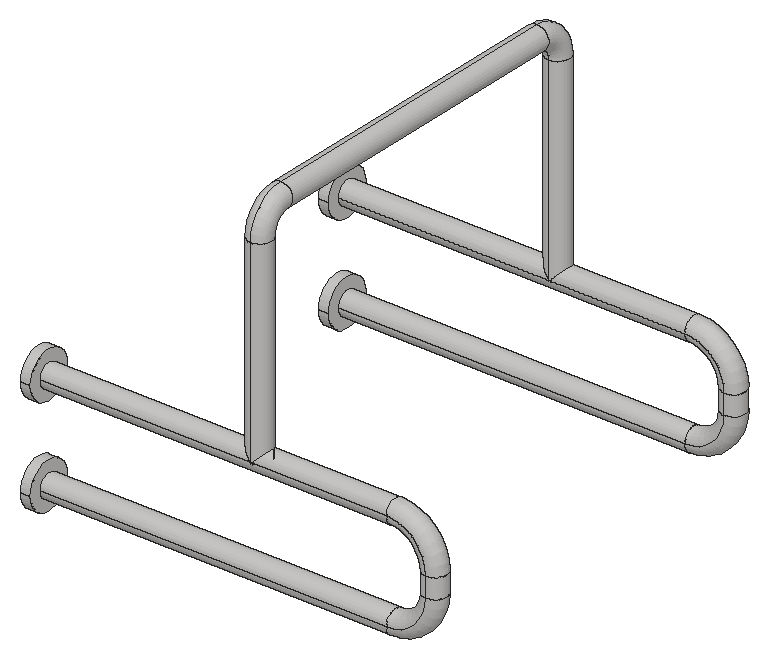
Revit family "DHGB0019_REVIT", category Generic Models, Revit 2017
Family settings
  Can host rebar = No
  Round Connector Dimension = Use Diameter
  Part Type = Normal
  Work Plane-Based = Yes
  Always vertical = No
  Cut with Voids When Loaded = Yes
  Shared = No
  Room Calculation Point = No
Parameters
  Website = "https://dolphy.in/"  # constant formula
  Model = "DHGB0019"  # constant formula
  Default Elevation = 1219.2 mm
  Contact number = "+91 9520202035"  # constant formula
  Contact email = "info@dolphy.in"  # constant formula
  Company name = "Dolphy India"  # constant formula
Reference planes
  plane 1 "Center (Front/Back)": y = 0
  plane 2: z = 0
  plane 3 "Center (Left/Right)": x = 0
  plane 4: z = 184.212
Forms (mm)
  Sweep 1, solid, material "Stainless Steel"
    path origin (1045, 17.5, -571.329) x (1, 0, 0) y (0, 0, 1)
      loop
        line (-1044.419, 756.329) -> (-504.419, 756.329)
        arc (-504.419, 756.329) -> (-461.993, 738.755) -> (-444.419, 696.329) r 60
        line (-444.419, 696.329) -> (-444.419, 666.329)
        arc (-444.419, 666.329) -> (-461.993, 623.902) -> (-504.419, 606.329) r 60
        line (-504.419, 606.329) -> (-1044.419, 606.329)
    profile origin (270.581, 17.5, 185) x (0, 0, 1) y (0, -1, 0)
      loop
        circle (0, -282.5) r 17.5
  Extrusion 2, solid, material "Stainless Steel"
    sketch origin (1045, 300, -571.329) x (0, -1, 0) y (0, 0, 1)
      loop
        circle (0, 756.329) r 35
      loop
        circle (0, 606.329) r 35
    from 1030 to 1045
  Sweep 3, solid, material "Stainless Steel"
    path origin (1045, 17.5, -571.329) x (1, 0, 0) y (0, 0, -1)
      loop
        line (-1044.419, -756.329) -> (-504.419, -756.329)
        arc (-504.419, -756.329) -> (-461.993, -738.755) -> (-444.419, -696.329) r 60
        line (-444.419, -696.329) -> (-444.419, -666.329)
        arc (-444.419, -666.329) -> (-461.993, -623.902) -> (-504.419, -606.329) r 60
        line (-504.419, -606.329) -> (-1044.419, -606.329)
    profile origin (270.581, 17.5, 185) x (0, 0, -1) y (0, 1, 0)
      loop
        circle (0, -282.5) r 17.5
  Extrusion 4, solid, material "Stainless Steel"
    sketch origin (1045, -265, -571.329) x (0, 1, 0) y (0, 0, -1)
      loop
        circle (0, -756.329) r 35
      loop
        circle (0, -606.329) r 35
    from 1030 to 1045
  Sweep 5, solid, material "Stainless Steel"
    path origin (1045, 19.829, 109.363) x (0, -1, 0) y (0, 0, 1)
      loop
        line (284.831, 74.849) -> (284.831, 374.849)
        arc (284.831, 374.849) -> (273.115, 403.133) -> (244.831, 414.849) r 40
        line (244.831, 414.849) -> (-240.169, 414.849)
        arc (-240.169, 414.849) -> (-268.453, 403.133) -> (-280.169, 374.849) r 40
        line (-280.169, 374.849) -> (-280.169, 74.849)
    profile origin (1045, -265.002, 334.212) x (0, 1, 0) y (-1, 0, 0)
      loop
        circle (0, 710.355) r 17.5
Cuts and joins
  joined: Sweep 1, Extrusion 2, Sweep 3, Extrusion 4
Dimensions and locks
  aligned and locked: level to plane 2
